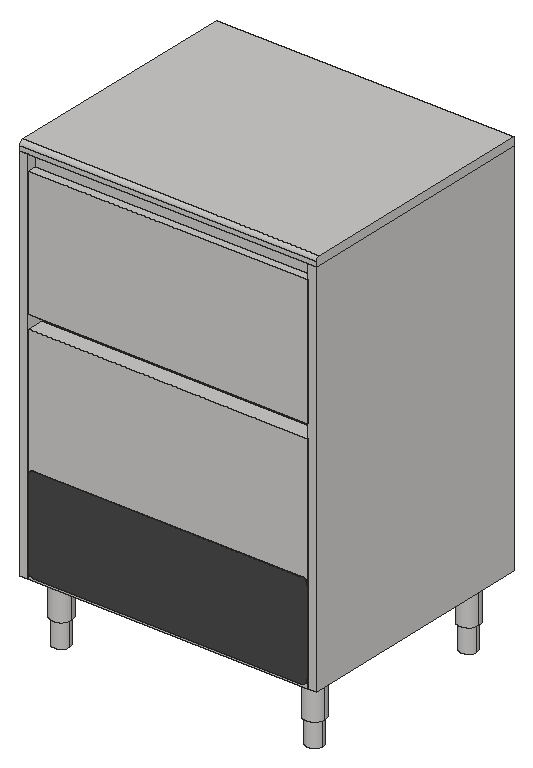
Revit family "QF_ZANUSSI_730316_ICB80I35SNP", category Attrezzature speciali, Revit 2018
Family settings
  Quota connettore circolare = Usa diametro
  Tipo di parte = Normale
  Basato su piano di lavoro = No
  Sempre verticale = Sì
  Taglio con vuoti quando caricato = No
  Condiviso = No
  Punto di calcolo locali = No
Parameters (values of type "Standard")
  Weight = 70.00 kg
  Watts = 0 W
  Volts = 220 V
  URL Manufacturer = "http://www.zanussiprofessional.com"
  URL = "http://www.zanussiprofessional.com"
  Steam Supply Size = 0 mm
  Steam Supply Minimum Pressure = 0.0 Pa
  Steam Supply Maximum Pressure = 0.0 Pa
  Steam Pounds per Hour = 0
  Show Logo [instance] = yes
  Show Clearance [instance] = yes
  Refrigeration Suction Line Size = 0 mm
  Refrigeration Liquid Line Size = 0 mm
  Refrigerant Compressor Remote = yes
  Produttore = "Zanussi"
  Phase = 1
  Modello = "ICB80I35SNP"
  Length Actual = 715 mm  # constant formula
  Item Number = "730316"
  Hot Water Size = 0 mm
  Height Actual = 1044 mm  # constant formula
  HP = "0 HP"
  Gas Size = 0 mm
  Gas KW = 0
  Gas Input Pressure = 0 W
  Descrizione = "WATER COOLED ICE CUBER 22GR 80KG/24H-BIN 35KG"
  Depth Actual = 595 mm  # constant formula
  Cycle = 50 Hz
  Condensate Return Size = 0 mm
  Compressed Air Volume = 0.0 L/s
  Compressed Air Size = 0 mm
  Compressed Air Pressure = 0.0 Pa
  Cold Water Size = 19.05 mm
  Accessory = yes
Reference planes
  plane 1 "Center X": y = 272.851
  plane 2: z = 0
  plane 3 "Center Y": x = -501.5
  plane 4 "LEFT": x = -859
  plane 5 "RIGHT": x = -144
  plane 6 "FRONT": y = -24.649
  plane 7 "BACK": y = 570.351
  plane 8: z = 155
  plane 9: z = 1094
  plane 10: z = 1074
  plane 11: x = -839
  plane 12: x = -164
  plane 13: y = 15.351
Forms (mm)
  Extrusion 1, solid, material "QF_Finishes_Black"
    sketch origin (-217.296, -24.649, 371.513) x (-1, 0, 0) y (0, 0, -1)
      loop
        arc (606.704, -21.487) -> (617.311, -17.093) -> (621.704, -6.487) r 15
        line (621.704, -6.487) -> (621.704, 194.469)
        arc (621.704, 194.469) -> (617.311, 205.075) -> (606.704, 209.469) r 15
        line (606.704, 209.469) -> (-38.296, 209.469)
        arc (-38.296, 209.469) -> (-48.903, 205.075) -> (-53.296, 194.469) r 15
        line (-53.296, 194.469) -> (-53.296, -6.487)
        arc (-53.296, -6.487) -> (-48.903, -17.093) -> (-38.296, -21.487) r 15
        line (-38.296, -21.487) -> (606.704, -21.487)
    from 0 to 2
  Extrusion 2, solid, material "QF_Finishes_Stainless Steel"
    sketch origin (-501.5, 0, 0) x (0, 1, 0) y (0, 0, 1)
      loop
        line (570.351, 1074) -> (570.351, 1094) -> (-14.649, 1094)
        arc (-14.649, 1094) -> (-21.72, 1091.071) -> (-24.649, 1084) r 10
        line (-24.649, 1084) -> (-24.649, 1074) -> (570.351, 1074)
    from -357.5 to 357.5
  Extrusion 3, solid, material "QF_Finishes_Stainless Steel"
    sketch origin (-450.7, 570.351, -329.545) x (1, 0, 0) y (0, 0, -1)
      loop
        circle (233.2, -655.545) r 10
    from 0 to 10
  Extrusion 4, solid, material "QF_Finishes_Stainless Steel"
    sketch origin (0, 0, 0) x (1, 0, 0) y (0, 1, 0)
      loop
        line (-859, 570.351) -> (-859, -24.649) -> (-839, -24.649) -> (-839, 570.351) -> (-859, 570.351)
    from 155 to 1074
  Extrusion 5, solid, material "QF_Finishes_Stainless Steel"
    sketch origin (0, 0, 0) x (1, 0, 0) y (0, 1, 0)
      loop
        line (-164, 570.351) -> (-164, -24.649) -> (-144, -24.649) -> (-144, 570.351) -> (-164, 570.351)
    from 155 to 1074
  Extrusion 6, solid, material "QF_Finishes_Stainless Steel"
    sketch origin (0, 0, 0) x (1, 0, 0) y (0, 1, 0)
      loop
        line (-839, 570.351) -> (-839, 15.351) -> (-164, 15.351) -> (-164, 570.351) -> (-839, 570.351)
    from 155 to 1074
  Extrusion 7, solid, material "QF_Finishes_Stainless Steel"
    sketch origin (0, 0, 0) x (1, 0, 0) y (0, 1, 0)
      loop
        line (-839, -24.649) -> (-164, -24.649) -> (-164, 15.351) -> (-839, 15.351) -> (-839, -24.649)
    from 155 to 695.994
  Extrusion 8, solid, material "QF_Finishes_Stainless Steel"
    sketch origin (-501.5, 0, 0) x (0, 1, 0) y (0, 0, 1)
      loop
        line (15.351, 1074) -> (-4.649, 1074) -> (-4.649, 1038) -> (-24.649, 1038) -> (-24.649, 728.028) -> (-4.649, 728.028) -> (-4.649, 713.028) -> (15.351, 713.028) -> (15.351, 1074)
    from -337.5 to 337.5
  Extrusion 9, solid, material "QF_Finishes_Stainless Steel"
    sketch origin (-428.2, 570.351, -440.545) x (1, 0, 0) y (0, 0, -1)
      loop
        circle (233.2, -655.545) r 10
    from 0 to 10
  Extrusion 10, solid, material "QF_Finishes_Stainless Steel"
    sketch origin (-487.7, 570.351, -361.545) x (1, 0, 0) y (0, 0, -1)
      loop
        circle (233.2, -655.545) r 10
    from 0 to 10
Lines and regions (mm)
  Split face 1
    outline origin (-501.5, -4.649, 1074) x (0, 0, -1) y (1, 0, 0)
      loop
        line (5.715, 214.928) -> (30.715, 214.928) -> (30.715, 254.928) -> (5.715, 254.928) -> (5.715, 214.928)
  symbolic lines
    curve 1: line (-859, 570.351, 0) -> (-144, 570.351, 0)
    curve 2: line (-859, -24.649, 0) -> (-859, 570.351, 0)
    curve 3: line (-144, -24.649, 0) -> (-859, -24.649, 0)
    curve 4: line (-144, 570.351, 0) -> (-144, -24.649, 0)
Dimensions and locks
  equal spacing: plane 4 "LEFT", plane 3 "Center Y", plane 5 "RIGHT"
  plane 4 "LEFT" to plane 5 "RIGHT" = 715 mm
  equal spacing: plane 7 "BACK", plane 1 "Center X", plane 6 "FRONT"
  plane 7 "BACK" to plane 6 "FRONT" = 595 mm
  plane 8 to plane 2 = 155 mm
  plane 9 to plane 8 = 939 mm
  locked: plane 4 "LEFT" to plane 11 at 20
  locked: plane 12 to plane 5 "RIGHT" at 20
  locked: plane 9 to plane 10 at 20
  locked: plane 13 to plane 6 "FRONT" at 40
  aligned and locked: level to plane 2
  aligned and locked: plane 5 "RIGHT" to Extrusion 2
  aligned and locked: Extrusion 2 to plane 4 "LEFT"
  aligned and locked: Extrusion 4 sketch curve to Extrusion 2  (x2)
  aligned and locked: plane 6 "FRONT" to Extrusion 4 sketch curve
  aligned and locked: Extrusion 4 sketch curve to plane 11
  aligned and locked: Extrusion 5 sketch curve to plane 7 "BACK"
  aligned and locked: plane 12 to Extrusion 5 sketch curve
  aligned and locked: Extrusion 5 sketch curve to Extrusion 2  (x2)
  aligned and locked: plane 10 to Extrusion 4
  aligned and locked: plane 10 to Extrusion 5
  aligned and locked: Extrusion 4 to plane 8
  aligned and locked: Extrusion 5 to plane 8
  aligned and locked: Extrusion 6 sketch curve to Extrusion 4
  aligned and locked: Extrusion 4 to Extrusion 6 sketch curve
  aligned and locked: plane 13 to Extrusion 6 sketch curve
  aligned and locked: Extrusion 6 sketch curve to plane 12
  aligned and locked: plane 10 to Extrusion 6
  aligned and locked: Extrusion 6 to plane 8
  aligned and locked: Extrusion 4 to Extrusion 7 sketch curve
  aligned and locked: Extrusion 7 sketch curve to Extrusion 4
  aligned and locked: plane 13 to Extrusion 7 sketch curve
  aligned and locked: plane 12 to Extrusion 7 sketch curve
  aligned and locked: Extrusion 7 to plane 8
  aligned and locked: plane 12 to Extrusion 8
  aligned and locked: Extrusion 8 to plane 11
Automatic sketch dimensions
  curve 3 to plane 4 "LEFT" = 0 mm
  curve 3 to plane 5 "RIGHT" = 0 mm
  curve 3 to plane 6 "FRONT" = 0 mm
  curve 2 to plane 7 "BACK" = 0 mm
  Extrusion 1 sketch curve to plane 12 = 0 mm
  plane 8 to Extrusion 1 sketch curve = 7.044 mm
  Extrusion 1 sketch curve to Extrusion 1 sketch curve = 15 mm  (x3)
  plane 11 to Extrusion 1 sketch curve = 15 mm  (x2)
  Extrusion 1 sketch curve to Extrusion 1 sketch curve = 200.956 mm
  Extrusion 2 sketch curve to plane 6 "FRONT" = 0 mm
  Extrusion 2 sketch curve to plane 9 = 0 mm
  Extrusion 2 sketch curve to plane 7 "BACK" = 0 mm
  Extrusion 2 sketch curve to plane 10 = 0 mm
  plane 6 "FRONT" to Extrusion 2 sketch curve = 10 mm
  Extrusion 6 to Extrusion 3 sketch curve = 171 mm
  Extrusion 3 sketch curve to Extrusion 6 = 53.5 mm
  Split face 1 sketch curve to Extrusion 8 = 5.715 mm
  Extrusion 8 to Split face 1 sketch curve = 5.285 mm
  Split face 1 sketch curve to Extrusion 8 = 122.572 mm
  Split face 1 sketch curve to Split face 1 sketch curve = 40 mm
  Extrusion 9 sketch curve to Extrusion 6 = 31 mm
  Extrusion 6 to Extrusion 9 sketch curve = 60 mm
  Extrusion 10 sketch curve to Extrusion 6 = 90.5 mm
  Extrusion 6 to Extrusion 10 sketch curve = 139 mm
  Extrusion 8 sketch curve to plane 6 "FRONT" = 0 mm
  Extrusion 8 sketch curve to plane 10 = 0 mm
  Extrusion 8 sketch curve to plane 13 = 0 mm
  Extrusion 8 sketch curve to Extrusion 8 sketch curve = 20 mm  (x2)
  Extrusion 8 sketch curve to plane 10 = 36 mm
  Extrusion 8 sketch curve to Extrusion 8 sketch curve = 309.972 mm
  Extrusion 8 sketch curve to Extrusion 8 sketch curve = 15 mm
  radius of Extrusion 3 sketch curve = 10 mm
  radius of Extrusion 9 sketch curve = 10 mm
  radius of Extrusion 10 sketch curve = 10 mm
Nested families
  nested 1: "Foot_Complete" at (-807, 35.351, 0), type "Foot_Complete"
    with H 155 mm
  nested 2: "Foot_Complete" at (-196, 35.351, 0) x (-1, 0, 0) z (0, 0, 1), type "Foot_Complete"
    with H 155 mm
  nested 3: "Foot_Complete" at (-807, 499.351, 0), type "Foot_Complete"
    with H 155 mm
  nested 4: "Foot_Complete" at (-196, 499.351, 0) x (-1, 0, 0) z (0, 0, 1), type "Foot_Complete"
    with H 155 mm
Connectors
  electrical at (-195, 580.351, 215), driven by "Volts"
    settings: on Extrusion 9, index 1, voltage 220 V, apparent load 0 VA, apparent load phase1 0 VA, apparent load phase2 0 VA, apparent load phase3 0 VA, power factor 1, load classification "Altro", number of poles 1, system type 30, power factor state 1, is connector primary yes, connector utility no, sub classification motor no, connector description "Electrical Connection"
  piping at (-217.5, 580.351, 326), diameter 20
    settings: on Extrusion 3, index 2, connector inside diameter 609.6 mm, connector length 0 mm, flow factor 0, pipe flow 0.0 L/s, pressure drop 0.0 Pa, fitting loss kfactor 0, connector angle 0.00°, fixture units 0, engagement length 0 mm, angle of deflection 0.00°, flow configuration 0, flow direction 0, fitting loss method 0, system type 20, joint type 0, gender type 0, connector reference index -1, connector utility 0, adjustable connector no, is connector primary yes, connector description "Cold water"
  piping at (-254.5, 580.351, 294), diameter 20
    settings: on Extrusion 10, index 3, connector inside diameter 609.6 mm, connector length 0 mm, flow factor 0, pipe flow 0.0 L/s, pressure drop 0.0 Pa, fitting loss kfactor 0, connector angle 0.00°, fixture units 0, engagement length 0 mm, angle of deflection 0.00°, flow configuration 0, flow direction 0, fitting loss method 0, system type 16, joint type 0, gender type 0, connector reference index -1, connector utility 0, adjustable connector no, is connector primary no, connector description "Drain"
Definition of nested family "Foot_Complete"
  Parameters (values of type "Foot_Complete")
    R = 25 mm
    H = 153 mm
  Reference planes
    plane 1 "Centro (Fronte/Retro)": y = 0
    plane 2: z = 0
    plane 3 "Centro (Sinistra/Destra)": x = 0
    plane 4: z = 153
  Forms (mm)
    Revolve 1, solid
      sketch origin (255.05, 0, 608.09) x (0, 0, 1) y (-1, 0, 0)
        loop
          line (-608.09, 255.05) -> (-608.09, 235.05) -> (-548.09, 235.05) -> (-548.09, 230.05) -> (-455.09, 230.05) -> (-455.09, 255.05) -> (-608.09, 255.05)
        axis (-608.09, 255.05) -> (-455.09, 255.05)
      angle from 0 to 360
  Dimensions and locks
    level to Revolve 1 sketch curve = 60 mm
    "R": Revolve 1 sketch curve to plane 3 "Centro (Sinistra/Destra)"
    "H": plane 4 to level
    aligned and locked: level to plane 2
    aligned and locked: plane 4 to Revolve 1 sketch curve
    aligned and locked: Revolve 1 sketch curve to level
    aligned and locked: plane 3 "Centro (Sinistra/Destra)" to Revolve 1 sketch curve
  Automatic sketch dimensions
    Revolve 1 sketch curve to plane 3 "Centro (Sinistra/Destra)" = 0 mm
    plane 3 "Centro (Sinistra/Destra)" to Revolve 1 sketch curve = 20 mm
    Revolve 1 sketch curve to Revolve 1 sketch curve = 50 mm
    Revolve 1 sketch curve to Revolve 1 sketch curve = 20 mm
